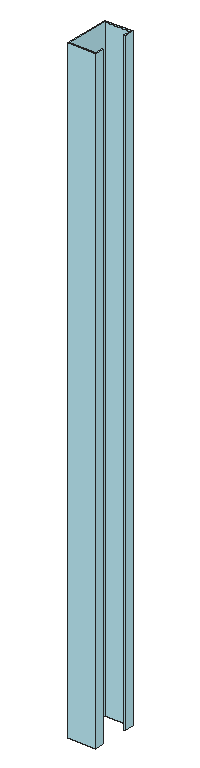
Revit family "(JIS)75×45×15×2.3", category 機械設備, Revit 2020
Family settings
  丸型コネクタ寸法 = 直径を使用
  種別 = なし
  パーツ タイプ = 標準
  作業面ベース = いいえ
  常に垂直 = はい
  ロード時にボイドで切り取り = いいえ
  共有 = いいえ
  部屋計算ポイント = いいえ
Parameters
  製造元 = "株式会社桐井製作所"
  既定の高さ = 0 mm
  URL = "https://www.kirii.co.jp/"
  K_長さ(mm) [instance] = 1000 mm
  K_材質 = "SSC400"
  K_断面積A(mm2) = 413.7
  K_断面係数Zy(mm3) = 4202
  K_断面係数Zx(mm3) = 9896
  K_断面2次半径iy(mm) = 16.8
  K_断面2次半径ix(mm) = 30
  K_断面2次モーメントIy(mm4) = 117000
  K_断面2次モーメントIx(mm4) = 371100
  K_外形寸法(mm) = "75×45×15×2.3"
  K_品名 = "(JIS)75×45×15×2.3"
  K_名称 = "補強材"
  K_単位質量(kg/m) = 3.281
  K_ヤング係数E(N/mm2) = 205000
  K_バージョン情報 = "20210524"
  K_めっき付着量 = "Z12"
  K_JIS規格 = "JIS G 3350"
Reference planes
  plane 1 "中心(正面/背面)": y = 0
  plane 2: z = 0
  plane 3 "中心(左/右)": x = 0
  plane 4: z = 1000
  plane 5: y = 75
Forms (mm)
  Extrusion 1, solid
    sketch origin (0, 0, 0) x (1, 0, 0) y (0, 1, 0)
      loop
        line (0, 0) -> (45, 0) -> (45, 15) -> (42.7, 15) -> (42.7, 2.3) -> (2.3, 2.3) -> (2.3, 72.7) -> (42.7, 72.7) -> (42.7, 60) -> (45, 60) -> (45, 75) -> (0, 75) -> (0, 0)
    from 0 to 1000
Dimensions and locks
  "K_長さ(mm)": plane 4 to plane 2
  aligned and locked: level to plane 2
  aligned and locked: plane 4 to Extrusion 1
  aligned and locked: plane 5 to Extrusion 1
Automatic sketch dimensions
  Extrusion 1 sketch curve to plane 3 "中心(左/右)" = 0 mm
  plane 1 "中心(正面/背面)" to Extrusion 1 sketch curve = 0 mm
  plane 3 "中心(左/右)" to Extrusion 1 sketch curve = 2.3 mm
  Extrusion 1 sketch curve to plane 1 "中心(正面/背面)" = 2.3 mm
  Extrusion 1 sketch curve to Extrusion 1 sketch curve = 2.3 mm  (x3)
  Extrusion 1 sketch curve to Extrusion 1 sketch curve = 12.7 mm  (x2)
  Extrusion 1 sketch curve to Extrusion 1 sketch curve = 45 mm
  Extrusion 1 sketch curve to Extrusion 1 sketch curve = 40.4 mm  (x2)
